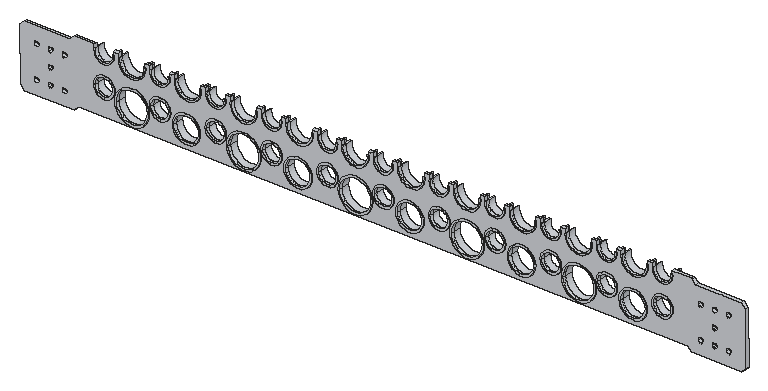
Revit family
Reference planes (in)
  plane 1 "Center (Front/Back)": y = 0
  plane 2: z = 0
  plane 3 "Center (Left/Right)": x = 0
Forms (in)
  Extrusion 1, solid
    sketch origin (0, 0.06345, 0) x (1, 0, 0) y (0, 0, 1)
      loop
        line (-13, 1.1875) -> (-13, -1.1875) -> (13, -1.1875) -> (13, 1.1875) -> (-13, 1.1875)
    from 0.06345 to -0.03055
  Extrusion 2, void
    sketch origin (0, 0, -0.3) x (1, 0, 0) y (0, 0, 1)
      loop
        line (-13, 1.1875) -> (-12.85, 1.3375) -> (-11.212, 1.3375) -> (-11.062, 1.4875) -> (-13, 1.4875) -> (-13, 1.1875)
    from 0 to -0.094
  Extrusion 3, void
    sketch origin (0, 0, -0.3) x (-1, 0, 0) y (0, 0, -1)
      loop
        line (-13, -1.1875) -> (-13, -1.4875) -> (-11.062, -1.4875) -> (-11.212, -1.3375) -> (-12.85, -1.3375) -> (-13, -1.1875)
    from -0.094 to 0
  Extrusion 4, void
    sketch origin (0, 0, 0) x (1, 0, 0) y (0, 0, 1)
      loop
        line (-13, -1.1875) -> (-12.85, -1.1875) -> (-13, -1.0375) -> (-13, -1.1875)
    from 0 to -0.094
  Extrusion 5, void
    sketch origin (0, 0, 0) x (-1, 0, 0) y (0, 0, -1)
      loop
        line (-13, 1.1875) -> (-13, 1.0375) -> (-12.85, 1.1875) -> (-13, 1.1875)
    from -0.094 to 0
  Extrusion 6, void
    sketch origin (0, 0, 0) x (1, 0, 0) y (0, 0, 1)
      loop
        line (-10.912, -1.0375) -> (-11.062, -1.1875) -> (11.062, -1.1875) -> (10.912, -1.0375) -> (-10.912, -1.0375)
    from 0 to -0.094
  Extrusion 7, solid
    sketch origin (-0.566, -0.19807, -0.3875) x (1, 0, 0) y (0, 0, 1)
      loop
        circle (-8.434, 0) r 0.613
    from -0.56657 to -0.19807
  Extrusion 8, void
    sketch origin (-0.613, 0, 0) x (1, 0, 0) y (0, 0, 1)
      loop
        circle (-8.387, -0.3875) r 0.556
    from -0.3685 to 0
  Extrusion 9, solid
    sketch origin (3.434, -0.19807, -0.3875) x (1, 0, 0) y (0, 0, 1)
      loop
        circle (-8.434, 0) r 0.613
    from -0.56657 to -0.19807
  Extrusion 10, void
    sketch origin (3.387, 0, 0) x (1, 0, 0) y (0, 0, 1)
      loop
        circle (-8.387, -0.3875) r 0.556
    from -0.3685 to 0
  Extrusion 11, solid
    sketch origin (7.434, -0.19807, -0.3875) x (1, 0, 0) y (0, 0, 1)
      loop
        circle (-8.434, 0) r 0.613
    from -0.56657 to -0.19807
  Extrusion 12, void
    sketch origin (7.387, 0, 0) x (1, 0, 0) y (0, 0, 1)
      loop
        circle (-8.387, -0.3875) r 0.556
    from -0.3685 to 0
  Extrusion 13, solid
    sketch origin (11.434, -0.19807, -0.3875) x (1, 0, 0) y (0, 0, 1)
      loop
        circle (-8.434, 0) r 0.613
    from -0.56657 to -0.19807
  Extrusion 14, void
    sketch origin (11.387, 0, 0) x (1, 0, 0) y (0, 0, 1)
      loop
        circle (-8.387, -0.3875) r 0.556
    from -0.3685 to 0
  Extrusion 15, solid
    sketch origin (15.434, -0.19807, -0.3875) x (1, 0, 0) y (0, 0, 1)
      loop
        circle (-8.434, 0) r 0.613
    from -0.56657 to -0.19807
  Extrusion 16, void
    sketch origin (15.387, 0, 0) x (1, 0, 0) y (0, 0, 1)
      loop
        circle (-8.387, -0.3875) r 0.556
    from -0.3685 to 0
  Extrusion 17, void
    sketch origin (0, 0, -0.0885) x (1, 0, 0) y (0, 0, 1)
      loop
        circle (-10, 0) r 0.316
    from 0.17811 to -0.69326
  Extrusion 18, solid
    sketch origin (0, 0, 0) x (1, 0, 0) y (0, 0, 1)
      loop
        circle (-10, -0.0885) r 0.376
    from 0 to -0.3685
  Extrusion 19, void
    sketch origin (2, 0, -0.0885) x (1, 0, 0) y (0, 0, 1)
      loop
        circle (-10, 0) r 0.316
    from 0.17811 to -0.69326
  Extrusion 20, solid
    sketch origin (2, 0, 0) x (1, 0, 0) y (0, 0, 1)
      loop
        circle (-10, -0.0885) r 0.376
    from 0 to -0.3685
  Extrusion 21, void
    sketch origin (4, 0, -0.0885) x (1, 0, 0) y (0, 0, 1)
      loop
        circle (-10, 0) r 0.316
    from 0.17811 to -0.69326
  Extrusion 22, solid
    sketch origin (4, 0, 0) x (1, 0, 0) y (0, 0, 1)
      loop
        circle (-10, -0.0885) r 0.376
    from 0 to -0.3685
  Extrusion 23, void
    sketch origin (6, 0, -0.0885) x (1, 0, 0) y (0, 0, 1)
      loop
        circle (-10, 0) r 0.316
    from 0.17811 to -0.69326
  Extrusion 24, solid
    sketch origin (6, 0, 0) x (1, 0, 0) y (0, 0, 1)
      loop
        circle (-10, -0.0885) r 0.376
    from 0 to -0.3685
  Extrusion 25, void
    sketch origin (8, 0, -0.0885) x (1, 0, 0) y (0, 0, 1)
      loop
        circle (-10, 0) r 0.316
    from 0.17811 to -0.69326
  Extrusion 26, solid
    sketch origin (8, 0, 0) x (1, 0, 0) y (0, 0, 1)
      loop
        circle (-10, -0.0885) r 0.376
    from 0 to -0.3685
  Extrusion 27, void
    sketch origin (10, 0, -0.0885) x (1, 0, 0) y (0, 0, 1)
      loop
        circle (-10, 0) r 0.316
    from 0.17811 to -0.69326
  Extrusion 28, solid
    sketch origin (10, 0, 0) x (1, 0, 0) y (0, 0, 1)
      loop
        circle (-10, -0.0885) r 0.376
    from 0 to -0.3685
  Extrusion 29, void
    sketch origin (12, 0, -0.0885) x (1, 0, 0) y (0, 0, 1)
      loop
        circle (-10, 0) r 0.316
    from 0.17811 to -0.69326
  Extrusion 30, solid
    sketch origin (12, 0, 0) x (1, 0, 0) y (0, 0, 1)
      loop
        circle (-10, -0.0885) r 0.376
    from 0 to -0.3685
  Extrusion 31, void
    sketch origin (14, 0, -0.0885) x (1, 0, 0) y (0, 0, 1)
      loop
        circle (-10, 0) r 0.316
    from 0.17811 to -0.69326
  Extrusion 32, solid
    sketch origin (14, 0, 0) x (1, 0, 0) y (0, 0, 1)
      loop
        circle (-10, -0.0885) r 0.376
    from 0 to -0.3685
  Extrusion 33, void
    sketch origin (16, 0, -0.0885) x (1, 0, 0) y (0, 0, 1)
      loop
        circle (-10, 0) r 0.316
    from 0.17811 to -0.69326
  Extrusion 34, solid
    sketch origin (16, 0, 0) x (1, 0, 0) y (0, 0, 1)
      loop
        circle (-10, -0.0885) r 0.376
    from 0 to -0.3685
  Extrusion 35, void
    sketch origin (18, 0, -0.0885) x (1, 0, 0) y (0, 0, 1)
      loop
        circle (-10, 0) r 0.316
    from 0.17811 to -0.69326
  Extrusion 36, solid
    sketch origin (18, 0, 0) x (1, 0, 0) y (0, 0, 1)
      loop
        circle (-10, -0.0885) r 0.376
    from 0 to -0.3685
  Extrusion 37, void
    sketch origin (0, 0, -0.39233) x (1, 0, 0) y (0, 0, 1)
      loop
        circle (-7.0544, 0) r 0.441
    from 0.17811 to -0.3685
  Extrusion 38, solid
    sketch origin (-0.441, 0, 0) x (1, 0, 0) y (0, 0, 1)
      loop
        circle (-6.6134, -0.39233) r 0.501
    from 0 to -0.3685
  Extrusion 39, void
    sketch origin (4, 0, -0.39233) x (1, 0, 0) y (0, 0, 1)
      loop
        circle (-7.0544, 0) r 0.441
    from 0.17811 to -0.3685
  Extrusion 40, solid
    sketch origin (3.559, 0, 0) x (1, 0, 0) y (0, 0, 1)
      loop
        circle (-6.6134, -0.39233) r 0.501
    from 0 to -0.3685
  Extrusion 41, void
    sketch origin (8, 0, -0.39233) x (1, 0, 0) y (0, 0, 1)
      loop
        circle (-7.0544, 0) r 0.441
    from 0.17811 to -0.3685
  Extrusion 42, solid
    sketch origin (7.559, 0, 0) x (1, 0, 0) y (0, 0, 1)
      loop
        circle (-6.6134, -0.39233) r 0.501
    from 0 to -0.3685
  Extrusion 43, void
    sketch origin (12, 0, -0.39233) x (1, 0, 0) y (0, 0, 1)
      loop
        circle (-7.0544, 0) r 0.441
    from 0.17811 to -0.3685
  Extrusion 44, solid
    sketch origin (11.559, 0, 0) x (1, 0, 0) y (0, 0, 1)
      loop
        circle (-6.6134, -0.39233) r 0.501
    from 0 to -0.3685
  Extrusion 45, void
    sketch origin (16, 0, -0.39233) x (1, 0, 0) y (0, 0, 1)
      loop
        circle (-7.0544, 0) r 0.441
    from 0.17811 to -0.3685
  Extrusion 46, solid
    sketch origin (15.559, 0, 0) x (1, 0, 0) y (0, 0, 1)
      loop
        circle (-6.6134, -0.39233) r 0.501
    from 0 to -0.3685
  Extrusion 47, void
    sketch origin (20, 0, -0.0885) x (1, 0, 0) y (0, 0, 1)
      loop
        circle (-10, 0) r 0.316
    from 0.17811 to -0.69326
  Extrusion 48, solid
    sketch origin (20, 0, 0) x (1, 0, 0) y (0, 0, 1)
      loop
        circle (-10, -0.0885) r 0.376
    from 0 to -0.3685
  Extrusion 49, void
    sketch origin (-0.01897, 0, -1.04116) x (1, 0, 0) y (0, 0, 1)
      loop
        line (-9.63131, 2.10366) -> (-9.63131, 2.22866) -> (-9.54431, 2.22866) -> (-9.54431, 2.45276) -> (-10.41775, 2.45276) -> (-10.41775, 2.22866) -> (-10.33075, 2.22866) -> (-10.33075, 2.10366) -> (-10.28191, 2.10366)
        arc (-10.28191, 2.10366) -> (-9.98103, 1.73566) -> (-9.68015, 2.10366) r 0.307
        line (-9.68015, 2.10366) -> (-9.63131, 2.10366)
    from -0.3685 to 0
  Extrusion 50, solid
    sketch origin (-0.01897, 0, -0.73416) x (1, 0, 0) y (0, 0, 1)
      loop
        circle (-9.98103, 1.73566) r 0.355
    from -0.3685 to 0
  Extrusion 51, void
    sketch origin (1.98103, 0, -1.04116) x (1, 0, 0) y (0, 0, 1)
      loop
        line (-9.63131, 2.10366) -> (-9.63131, 2.22866) -> (-9.54431, 2.22866) -> (-9.54431, 2.45276) -> (-10.41775, 2.45276) -> (-10.41775, 2.22866) -> (-10.33075, 2.22866) -> (-10.33075, 2.10366) -> (-10.28191, 2.10366)
        arc (-10.28191, 2.10366) -> (-9.98103, 1.73566) -> (-9.68015, 2.10366) r 0.307
        line (-9.68015, 2.10366) -> (-9.63131, 2.10366)
    from -0.3685 to 0
  Extrusion 52, solid
    sketch origin (1.98103, 0, -0.73416) x (1, 0, 0) y (0, 0, 1)
      loop
        circle (-9.98103, 1.73566) r 0.355
    from -0.3685 to 0
  Extrusion 53, void
    sketch origin (3.98103, 0, -1.04116) x (1, 0, 0) y (0, 0, 1)
      loop
        line (-9.63131, 2.10366) -> (-9.63131, 2.22866) -> (-9.54431, 2.22866) -> (-9.54431, 2.45276) -> (-10.41775, 2.45276) -> (-10.41775, 2.22866) -> (-10.33075, 2.22866) -> (-10.33075, 2.10366) -> (-10.28191, 2.10366)
        arc (-10.28191, 2.10366) -> (-9.98103, 1.73566) -> (-9.68015, 2.10366) r 0.307
        line (-9.68015, 2.10366) -> (-9.63131, 2.10366)
    from -0.3685 to 0
  Extrusion 54, solid
    sketch origin (3.98103, 0, -0.73416) x (1, 0, 0) y (0, 0, 1)
      loop
        circle (-9.98103, 1.73566) r 0.355
    from -0.3685 to 0
  Extrusion 55, void
    sketch origin (5.98103, 0, -1.04116) x (1, 0, 0) y (0, 0, 1)
      loop
        line (-9.63131, 2.10366) -> (-9.63131, 2.22866) -> (-9.54431, 2.22866) -> (-9.54431, 2.45276) -> (-10.41775, 2.45276) -> (-10.41775, 2.22866) -> (-10.33075, 2.22866) -> (-10.33075, 2.10366) -> (-10.28191, 2.10366)
        arc (-10.28191, 2.10366) -> (-9.98103, 1.73566) -> (-9.68015, 2.10366) r 0.307
        line (-9.68015, 2.10366) -> (-9.63131, 2.10366)
    from -0.3685 to 0
  Extrusion 56, solid
    sketch origin (5.98103, 0, -0.73416) x (1, 0, 0) y (0, 0, 1)
      loop
        circle (-9.98103, 1.73566) r 0.355
    from -0.3685 to 0
  Extrusion 57, void
    sketch origin (7.98103, 0, -1.04116) x (1, 0, 0) y (0, 0, 1)
      loop
        line (-9.63131, 2.10366) -> (-9.63131, 2.22866) -> (-9.54431, 2.22866) -> (-9.54431, 2.45276) -> (-10.41775, 2.45276) -> (-10.41775, 2.22866) -> (-10.33075, 2.22866) -> (-10.33075, 2.10366) -> (-10.28191, 2.10366)
        arc (-10.28191, 2.10366) -> (-9.98103, 1.73566) -> (-9.68015, 2.10366) r 0.307
        line (-9.68015, 2.10366) -> (-9.63131, 2.10366)
    from -0.3685 to 0
  Extrusion 58, solid
    sketch origin (7.98103, 0, -0.73416) x (1, 0, 0) y (0, 0, 1)
      loop
        circle (-9.98103, 1.73566) r 0.355
    from -0.3685 to 0
  Extrusion 59, void
    sketch origin (9.98103, 0, -1.04116) x (1, 0, 0) y (0, 0, 1)
      loop
        line (-9.63131, 2.10366) -> (-9.63131, 2.22866) -> (-9.54431, 2.22866) -> (-9.54431, 2.45276) -> (-10.41775, 2.45276) -> (-10.41775, 2.22866) -> (-10.33075, 2.22866) -> (-10.33075, 2.10366) -> (-10.28191, 2.10366)
        arc (-10.28191, 2.10366) -> (-9.98103, 1.73566) -> (-9.68015, 2.10366) r 0.307
        line (-9.68015, 2.10366) -> (-9.63131, 2.10366)
    from -0.3685 to 0
  Extrusion 60, solid
    sketch origin (9.98103, 0, -0.73416) x (1, 0, 0) y (0, 0, 1)
      loop
        circle (-9.98103, 1.73566) r 0.355
    from -0.3685 to 0
  Extrusion 61, void
    sketch origin (11.98103, 0, -1.04116) x (1, 0, 0) y (0, 0, 1)
      loop
        line (-9.63131, 2.10366) -> (-9.63131, 2.22866) -> (-9.54431, 2.22866) -> (-9.54431, 2.45276) -> (-10.41775, 2.45276) -> (-10.41775, 2.22866) -> (-10.33075, 2.22866) -> (-10.33075, 2.10366) -> (-10.28191, 2.10366)
        arc (-10.28191, 2.10366) -> (-9.98103, 1.73566) -> (-9.68015, 2.10366) r 0.307
        line (-9.68015, 2.10366) -> (-9.63131, 2.10366)
    from -0.3685 to 0
  Extrusion 62, solid
    sketch origin (11.98103, 0, -0.73416) x (1, 0, 0) y (0, 0, 1)
      loop
        circle (-9.98103, 1.73566) r 0.355
    from -0.3685 to 0
  Extrusion 63, void
    sketch origin (13.98103, 0, -1.04116) x (1, 0, 0) y (0, 0, 1)
      loop
        line (-9.63131, 2.10366) -> (-9.63131, 2.22866) -> (-9.54431, 2.22866) -> (-9.54431, 2.45276) -> (-10.41775, 2.45276) -> (-10.41775, 2.22866) -> (-10.33075, 2.22866) -> (-10.33075, 2.10366) -> (-10.28191, 2.10366)
        arc (-10.28191, 2.10366) -> (-9.98103, 1.73566) -> (-9.68015, 2.10366) r 0.307
        line (-9.68015, 2.10366) -> (-9.63131, 2.10366)
    from -0.3685 to 0
  Extrusion 64, solid
    sketch origin (13.98103, 0, -0.73416) x (1, 0, 0) y (0, 0, 1)
      loop
        circle (-9.98103, 1.73566) r 0.355
    from -0.3685 to 0
  Extrusion 65, void
    sketch origin (15.98103, 0, -1.04116) x (1, 0, 0) y (0, 0, 1)
      loop
        line (-9.63131, 2.10366) -> (-9.63131, 2.22866) -> (-9.54431, 2.22866) -> (-9.54431, 2.45276) -> (-10.41775, 2.45276) -> (-10.41775, 2.22866) -> (-10.33075, 2.22866) -> (-10.33075, 2.10366) -> (-10.28191, 2.10366)
        arc (-10.28191, 2.10366) -> (-9.98103, 1.73566) -> (-9.68015, 2.10366) r 0.307
        line (-9.68015, 2.10366) -> (-9.63131, 2.10366)
    from -0.3685 to 0
  Extrusion 66, solid
    sketch origin (15.98103, 0, -0.73416) x (1, 0, 0) y (0, 0, 1)
      loop
        circle (-9.98103, 1.73566) r 0.355
    from -0.3685 to 0
  Extrusion 67, void
    sketch origin (17.98103, 0, -1.04116) x (1, 0, 0) y (0, 0, 1)
      loop
        line (-9.63131, 2.10366) -> (-9.63131, 2.22866) -> (-9.54431, 2.22866) -> (-9.54431, 2.45276) -> (-10.41775, 2.45276) -> (-10.41775, 2.22866) -> (-10.33075, 2.22866) -> (-10.33075, 2.10366) -> (-10.28191, 2.10366)
        arc (-10.28191, 2.10366) -> (-9.98103, 1.73566) -> (-9.68015, 2.10366) r 0.307
        line (-9.68015, 2.10366) -> (-9.63131, 2.10366)
    from -0.3685 to 0
  Extrusion 68, solid
    sketch origin (17.98103, 0, -0.73416) x (1, 0, 0) y (0, 0, 1)
      loop
        circle (-9.98103, 1.73566) r 0.355
    from -0.3685 to 0
  Extrusion 69, void
    sketch origin (19.98103, 0, -1.04116) x (1, 0, 0) y (0, 0, 1)
      loop
        line (-9.63131, 2.10366) -> (-9.63131, 2.22866) -> (-9.54431, 2.22866) -> (-9.54431, 2.45276) -> (-10.41775, 2.45276) -> (-10.41775, 2.22866) -> (-10.33075, 2.22866) -> (-10.33075, 2.10366) -> (-10.28191, 2.10366)
        arc (-10.28191, 2.10366) -> (-9.98103, 1.73566) -> (-9.68015, 2.10366) r 0.307
        line (-9.68015, 2.10366) -> (-9.63131, 2.10366)
    from -0.3685 to 0
  Extrusion 70, solid
    sketch origin (19.98103, 0, -0.73416) x (1, 0, 0) y (0, 0, 1)
      loop
        circle (-9.98103, 1.73566) r 0.355
    from -0.3685 to 0
  Extrusion 71, void
    sketch origin (0.98103, 0, -0.79116) x (1, 0, 0) y (0, 0, 1)
      loop
        line (-9.5042, 1.85241) -> (-9.5042, 1.97741) -> (-9.4172, 1.97741) -> (-9.4172, 2.35367) -> (-10.54489, 2.35367) -> (-10.54489, 1.97716) -> (-10.45789, 1.97716) -> (-10.45789, 1.85216) -> (-10.40905, 1.85216)
        arc (-10.40905, 1.85216) -> (-9.9809, 1.36167) -> (-9.55304, 1.85241) r 0.432
        line (-9.55304, 1.85241) -> (-9.5042, 1.85241)
    from -0.3685 to 0.12521
  Extrusion 72, solid
    sketch origin (0.98103, 0, -0.73416) x (1, 0, 0) y (0, 0, 1)
      loop
        circle (-9.98103, 1.73566) r 0.48
    from -0.3685 to 0
  Extrusion 73, void
    sketch origin (2.98103, 0, -0.79116) x (1, 0, 0) y (0, 0, 1)
      loop
        line (-9.5042, 1.85241) -> (-9.5042, 1.97741) -> (-9.4172, 1.97741) -> (-9.4172, 2.35367) -> (-10.54489, 2.35367) -> (-10.54489, 1.97716) -> (-10.45789, 1.97716) -> (-10.45789, 1.85216) -> (-10.40905, 1.85216)
        arc (-10.40905, 1.85216) -> (-9.9809, 1.36167) -> (-9.55304, 1.85241) r 0.432
        line (-9.55304, 1.85241) -> (-9.5042, 1.85241)
    from -0.3685 to 0.12521
  Extrusion 74, solid
    sketch origin (2.98103, 0, -0.73416) x (1, 0, 0) y (0, 0, 1)
      loop
        circle (-9.98103, 1.73566) r 0.48
    from -0.3685 to 0
  Extrusion 75, void
    sketch origin (4.98103, 0, -0.79116) x (1, 0, 0) y (0, 0, 1)
      loop
        line (-9.5042, 1.85241) -> (-9.5042, 1.97741) -> (-9.4172, 1.97741) -> (-9.4172, 2.35367) -> (-10.54489, 2.35367) -> (-10.54489, 1.97716) -> (-10.45789, 1.97716) -> (-10.45789, 1.85216) -> (-10.40905, 1.85216)
        arc (-10.40905, 1.85216) -> (-9.9809, 1.36167) -> (-9.55304, 1.85241) r 0.432
        line (-9.55304, 1.85241) -> (-9.5042, 1.85241)
    from -0.3685 to 0.12521
  Extrusion 76, solid
    sketch origin (4.98103, 0, -0.73416) x (1, 0, 0) y (0, 0, 1)
      loop
        circle (-9.98103, 1.73566) r 0.48
    from -0.3685 to 0
  Extrusion 77, void
    sketch origin (6.98103, 0, -0.79116) x (1, 0, 0) y (0, 0, 1)
      loop
        line (-9.5042, 1.85241) -> (-9.5042, 1.97741) -> (-9.4172, 1.97741) -> (-9.4172, 2.35367) -> (-10.54489, 2.35367) -> (-10.54489, 1.97716) -> (-10.45789, 1.97716) -> (-10.45789, 1.85216) -> (-10.40905, 1.85216)
        arc (-10.40905, 1.85216) -> (-9.9809, 1.36167) -> (-9.55304, 1.85241) r 0.432
        line (-9.55304, 1.85241) -> (-9.5042, 1.85241)
    from -0.3685 to 0.12521
  Extrusion 78, solid
    sketch origin (6.98103, 0, -0.73416) x (1, 0, 0) y (0, 0, 1)
      loop
        circle (-9.98103, 1.73566) r 0.48
    from -0.3685 to 0
  Extrusion 79, void
    sketch origin (8.98103, 0, -0.79116) x (1, 0, 0) y (0, 0, 1)
      loop
        line (-9.5042, 1.85241) -> (-9.5042, 1.97741) -> (-9.4172, 1.97741) -> (-9.4172, 2.35367) -> (-10.54489, 2.35367) -> (-10.54489, 1.97716) -> (-10.45789, 1.97716) -> (-10.45789, 1.85216) -> (-10.40905, 1.85216)
        arc (-10.40905, 1.85216) -> (-9.9809, 1.36167) -> (-9.55304, 1.85241) r 0.432
        line (-9.55304, 1.85241) -> (-9.5042, 1.85241)
    from -0.3685 to 0.12521
  Extrusion 80, solid
    sketch origin (8.98103, 0, -0.73416) x (1, 0, 0) y (0, 0, 1)
      loop
        circle (-9.98103, 1.73566) r 0.48
    from -0.3685 to 0
  Extrusion 81, void
    sketch origin (10.98103, 0, -0.79116) x (1, 0, 0) y (0, 0, 1)
      loop
        line (-9.5042, 1.85241) -> (-9.5042, 1.97741) -> (-9.4172, 1.97741) -> (-9.4172, 2.35367) -> (-10.54489, 2.35367) -> (-10.54489, 1.97716) -> (-10.45789, 1.97716) -> (-10.45789, 1.85216) -> (-10.40905, 1.85216)
        arc (-10.40905, 1.85216) -> (-9.9809, 1.36167) -> (-9.55304, 1.85241) r 0.432
        line (-9.55304, 1.85241) -> (-9.5042, 1.85241)
    from -0.3685 to 0.12521
  Extrusion 82, solid
    sketch origin (10.98103, 0, -0.73416) x (1, 0, 0) y (0, 0, 1)
      loop
        circle (-9.98103, 1.73566) r 0.48
    from -0.3685 to 0
  Extrusion 83, void
    sketch origin (12.98103, 0, -0.79116) x (1, 0, 0) y (0, 0, 1)
      loop
        line (-9.5042, 1.85241) -> (-9.5042, 1.97741) -> (-9.4172, 1.97741) -> (-9.4172, 2.35367) -> (-10.54489, 2.35367) -> (-10.54489, 1.97716) -> (-10.45789, 1.97716) -> (-10.45789, 1.85216) -> (-10.40905, 1.85216)
        arc (-10.40905, 1.85216) -> (-9.9809, 1.36167) -> (-9.55304, 1.85241) r 0.432
        line (-9.55304, 1.85241) -> (-9.5042, 1.85241)
    from -0.3685 to 0.12521
  Extrusion 84, solid
    sketch origin (12.98103, 0, -0.73416) x (1, 0, 0) y (0, 0, 1)
      loop
        circle (-9.98103, 1.73566) r 0.48
    from -0.3685 to 0
  Extrusion 85, void
    sketch origin (14.98103, 0, -0.79116) x (1, 0, 0) y (0, 0, 1)
      loop
        line (-9.5042, 1.85241) -> (-9.5042, 1.97741) -> (-9.4172, 1.97741) -> (-9.4172, 2.35367) -> (-10.54489, 2.35367) -> (-10.54489, 1.97716) -> (-10.45789, 1.97716) -> (-10.45789, 1.85216) -> (-10.40905, 1.85216)
        arc (-10.40905, 1.85216) -> (-9.9809, 1.36167) -> (-9.55304, 1.85241) r 0.432
        line (-9.55304, 1.85241) -> (-9.5042, 1.85241)
    from -0.3685 to 0.12521
  Extrusion 86, solid
    sketch origin (14.98103, 0, -0.73416) x (1, 0, 0) y (0, 0, 1)
      loop
        circle (-9.98103, 1.73566) r 0.48
    from -0.3685 to 0
  Extrusion 87, void
    sketch origin (16.98103, 0, -0.79116) x (1, 0, 0) y (0, 0, 1)
      loop
        line (-9.5042, 1.85241) -> (-9.5042, 1.97741) -> (-9.4172, 1.97741) -> (-9.4172, 2.35367) -> (-10.54489, 2.35367) -> (-10.54489, 1.97716) -> (-10.45789, 1.97716) -> (-10.45789, 1.85216) -> (-10.40905, 1.85216)
        arc (-10.40905, 1.85216) -> (-9.9809, 1.36167) -> (-9.55304, 1.85241) r 0.432
        line (-9.55304, 1.85241) -> (-9.5042, 1.85241)
    from -0.3685 to 0.12521
  Extrusion 88, solid
    sketch origin (16.98103, 0, -0.73416) x (1, 0, 0) y (0, 0, 1)
      loop
        circle (-9.98103, 1.73566) r 0.48
    from -0.3685 to 0
  Extrusion 89, void
    sketch origin (18.98103, 0, -0.79116) x (1, 0, 0) y (0, 0, 1)
      loop
        line (-9.5042, 1.85241) -> (-9.5042, 1.97741) -> (-9.4172, 1.97741) -> (-9.4172, 2.35367) -> (-10.54489, 2.35367) -> (-10.54489, 1.97716) -> (-10.45789, 1.97716) -> (-10.45789, 1.85216) -> (-10.40905, 1.85216)
        arc (-10.40905, 1.85216) -> (-9.9809, 1.36167) -> (-9.55304, 1.85241) r 0.432
        line (-9.55304, 1.85241) -> (-9.5042, 1.85241)
    from -0.3685 to 0.12521
  Extrusion 90, solid
    sketch origin (18.98103, 0, -0.73416) x (1, 0, 0) y (0, 0, 1)
      loop
        circle (-9.98103, 1.73566) r 0.48
    from -0.3685 to 0
  Extrusion 91, void
    sketch origin (0, 0, 0) x (1, 0, 0) y (0, 0, 1)
      loop
        circle (-11.3967, 0.4625) r 0.095
    from -0.094 to 0
  Extrusion 92, void
    sketch origin (-0.5, 0, 0) x (1, 0, 0) y (0, 0, 1)
      loop
        circle (-11.3967, 0.4625) r 0.095
    from -0.094 to 0
  Extrusion 93, void
    sketch origin (-1, 0, 0) x (1, 0, 0) y (0, 0, 1)
      loop
        circle (-11.3967, 0.4625) r 0.095
    from -0.094 to 0
  Extrusion 94, void
    sketch origin (-0.5, 0, -0.575) x (1, 0, 0) y (0, 0, 1)
      loop
        circle (-11.3967, 0.4625) r 0.095
    from -0.094 to 0
  Extrusion 95, void
    sketch origin (0, 0, -1.15) x (1, 0, 0) y (0, 0, 1)
      loop
        circle (-11.3967, 0.4625) r 0.095
    from -0.094 to 0
  Extrusion 96, void
    sketch origin (-0.5, 0, -1.15) x (1, 0, 0) y (0, 0, 1)
      loop
        circle (-11.3967, 0.4625) r 0.095
    from -0.094 to 0
  Extrusion 97, void
    sketch origin (-1, 0, -1.15) x (1, 0, 0) y (0, 0, 1)
      loop
        circle (-11.3967, 0.4625) r 0.095
    from -0.094 to 0
  Extrusion 98, void
    sketch origin (0, 0, 0) x (-1, 0, 0) y (0, 0, -1)
      loop
        circle (-11.3967, -0.4625) r 0.095
    from -0.094 to 0
  Extrusion 99, void
    sketch origin (0.5, 0, 0) x (-1, 0, 0) y (0, 0, -1)
      loop
        circle (-11.3967, -0.4625) r 0.095
    from -0.094 to 0
  Extrusion 100, void
    sketch origin (1, 0, 0) x (-1, 0, 0) y (0, 0, -1)
      loop
        circle (-11.3967, -0.4625) r 0.095
    from -0.094 to 0
  Extrusion 101, void
    sketch origin (0.5, 0, -0.575) x (-1, 0, 0) y (0, 0, -1)
      loop
        circle (-11.3967, -0.4625) r 0.095
    from -0.094 to 0
  Extrusion 102, void
    sketch origin (0, 0, -1.15) x (-1, 0, 0) y (0, 0, -1)
      loop
        circle (-11.3967, -0.4625) r 0.095
    from -0.094 to 0
  Extrusion 103, void
    sketch origin (0.5, 0, -1.15) x (-1, 0, 0) y (0, 0, -1)
      loop
        circle (-11.3967, -0.4625) r 0.095
    from -0.094 to 0
  Extrusion 104, void
    sketch origin (1, 0, -1.15) x (-1, 0, 0) y (0, 0, -1)
      loop
        circle (-11.3967, -0.4625) r 0.095
    from -0.094 to 0
Cuts and joins
  Extrusion 2, Extrusion 3, Extrusion 4, Extrusion 5, Extrusion 6, Extrusion 8, Extrusion 10, Extrusion 12, Extrusion 14, Extrusion 16, Extrusion 17, Extrusion 19, Extrusion 21, Extrusion 23, Extrusion 25, Extrusion 27, Extrusion 29, Extrusion 31, Extrusion 33, Extrusion 35, Extrusion 37, Extrusion 39, Extrusion 41, Extrusion 43, Extrusion 45, Extrusion 47, Extrusion 49, Extrusion 51, Extrusion 53, Extrusion 55, Extrusion 57, Extrusion 59, Extrusion 61, Extrusion 63, Extrusion 65, Extrusion 67, Extrusion 69, Extrusion 71, Extrusion 73, Extrusion 75, Extrusion 77, Extrusion 79, Extrusion 81, Extrusion 83, Extrusion 85, Extrusion 87, Extrusion 89, Extrusion 91, Extrusion 92, Extrusion 93, Extrusion 94, Extrusion 95, Extrusion 96, Extrusion 97, Extrusion 98, Extrusion 99, Extrusion 100, Extrusion 101, Extrusion 102, Extrusion 103, Extrusion 104 cuts Extrusion 1
  Extrusion 8, Extrusion 10 cuts Extrusion 7
  Extrusion 10, Extrusion 12 cuts Extrusion 9
  Extrusion 12, Extrusion 14 cuts Extrusion 11
  Extrusion 14, Extrusion 16 cuts Extrusion 13
  Extrusion 16 cuts Extrusion 15
  Extrusion 17, Extrusion 19, Extrusion 21 cuts Extrusion 18
  Extrusion 19, Extrusion 23 cuts Extrusion 20
  Extrusion 21, Extrusion 25 cuts Extrusion 22
  Extrusion 23, Extrusion 27 cuts Extrusion 24
  Extrusion 25, Extrusion 29 cuts Extrusion 26
  Extrusion 27, Extrusion 31 cuts Extrusion 28
  Extrusion 29, Extrusion 33 cuts Extrusion 30
  Extrusion 31, Extrusion 35 cuts Extrusion 32
  Extrusion 33 cuts Extrusion 34
  Extrusion 35, Extrusion 47 cuts Extrusion 36
  Extrusion 37, Extrusion 39 cuts Extrusion 38
  Extrusion 39, Extrusion 41 cuts Extrusion 40
  Extrusion 41, Extrusion 43 cuts Extrusion 42
  Extrusion 43, Extrusion 45 cuts Extrusion 44
  Extrusion 45 cuts Extrusion 46
  Extrusion 47 cuts Extrusion 48
  Extrusion 49, Extrusion 51, Extrusion 71 cuts Extrusion 50
  Extrusion 51, Extrusion 53 cuts Extrusion 52
  Extrusion 53, Extrusion 55 cuts Extrusion 54
  Extrusion 55, Extrusion 57 cuts Extrusion 56
  Extrusion 57, Extrusion 59 cuts Extrusion 58
  Extrusion 59, Extrusion 61 cuts Extrusion 60
  Extrusion 61, Extrusion 63 cuts Extrusion 62
  Extrusion 63, Extrusion 65 cuts Extrusion 64
  Extrusion 65, Extrusion 67 cuts Extrusion 66
  Extrusion 67, Extrusion 69 cuts Extrusion 68
  Extrusion 69 cuts Extrusion 70
  Extrusion 71, Extrusion 73 cuts Extrusion 72
  Extrusion 73, Extrusion 75 cuts Extrusion 74
  Extrusion 75, Extrusion 77 cuts Extrusion 76
  Extrusion 77, Extrusion 79 cuts Extrusion 78
  Extrusion 79, Extrusion 81 cuts Extrusion 80
  Extrusion 81, Extrusion 83 cuts Extrusion 82
  Extrusion 83, Extrusion 85 cuts Extrusion 84
  Extrusion 85, Extrusion 87 cuts Extrusion 86
  Extrusion 87, Extrusion 89 cuts Extrusion 88
  Extrusion 89 cuts Extrusion 90
Dimensions and locks (in)
  locked: Extrusion 1 to Extrusion 1 at 26
  locked: Extrusion 1 to Extrusion 1 at 2.375
  aligned and locked: plane 2 to level
  aligned and locked: Extrusion 1 to Extrusion 2  (x2)
  aligned and locked: Extrusion 4 to Extrusion 1
  aligned and locked: Extrusion 1 to Extrusion 4
  aligned and locked: Extrusion 6 to Extrusion 1  (x2)
  aligned and locked: plane 1 "Center (Front/Back)" to Extrusion 1
  aligned and locked: Extrusion 3 to Extrusion 1
  aligned and locked: plane 1 "Center (Front/Back)" to Extrusion 3
  aligned and locked: Extrusion 5 to Extrusion 1
  aligned and locked: plane 1 "Center (Front/Back)" to Extrusion 5
  aligned and locked: plane 1 "Center (Front/Back)" to Extrusion 8
  aligned and locked: Extrusion 18 to plane 1 "Center (Front/Back)"
  aligned: Extrusion 17 to plane 1 "Center (Front/Back)"
  aligned: Extrusion 37 to plane 1 "Center (Front/Back)"
  aligned and locked: Extrusion 37 to cut or joined group of Extrusion 7, Extrusion 8, Extrusion 10
  aligned and locked: Extrusion 38 to plane 1 "Center (Front/Back)"
  aligned and locked: Extrusion 38 to cut or joined group of Extrusion 7, Extrusion 8, Extrusion 10
  aligned and locked: Extrusion 17 to Extrusion 37
  aligned and locked: cut or joined group of Extrusion 7, Extrusion 8, Extrusion 10 to Extrusion 50
  aligned and locked: plane 1 "Center (Front/Back)" to Extrusion 50
  aligned and locked: cut or joined group of Extrusion 7, Extrusion 8, Extrusion 10 to Extrusion 49
  aligned and locked: plane 1 "Center (Front/Back)" to Extrusion 49
  aligned and locked: cut or joined group of Extrusion 7, Extrusion 8, Extrusion 10 to Extrusion 71
  aligned and locked: Extrusion 1 to Extrusion 91
  aligned and locked: plane 1 "Center (Front/Back)" to Extrusion 91
Connectors (in)
  piping at (7, 0, -0.3875)
    settings: on cut or joined group 1 (Extrusion 1, Extrusion 2, Extrusion 3, Extrusion 4, Extrusion 5, Extrusion 6, Extrusion 8, Extrusion 10, Extrusion 12, Extrusion 14, Extrusion 16, Extrusion 17, Extrusion 19, Extrusion 21, Extrusion 23, Extrusion 25, Extrusion 27, Extrusion 29, Extrusion 31, Extrusion 33, Extrusion 35, Extrusion 37, Extrusion 39, Extrusion 41, Extrusion 43, Extrusion 45, Extrusion 47, Extrusion 49, Extrusion 51, Extrusion 53, Extrusion 55, Extrusion 57, Extrusion 59, Extrusion 61, Extrusion 63, Extrusion 65, Extrusion 67, Extrusion 69, Extrusion 71, Extrusion 73, Extrusion 75, Extrusion 77, Extrusion 79, Extrusion 81, Extrusion 83, Extrusion 85, Extrusion 87, Extrusion 89, Extrusion 91, Extrusion 92, Extrusion 93, Extrusion 94, Extrusion 95, Extrusion 96, Extrusion 97, Extrusion 98, Extrusion 99, Extrusion 100, Extrusion 101, Extrusion 102, Extrusion 103, Extrusion 104), index 1, connector radius 1/2", flow factor 0, pipe flow 0 GPM, pressure drop 0.00 psi, fitting loss kfactor 0, connector angle 0.00°, fixture units 0, flow configuration 0, flow direction 0, fitting loss method 0, system type 22, connector reference index -1, connector utility 0, adjustable connector no, is connector primary yes, fitting loss table "", connector description ""
  piping at (3, 0, -0.3875)
    settings: on cut or joined group 1, index 2, connector radius 1/2", flow factor 0, pipe flow 0 GPM, pressure drop 0.00 psi, fitting loss kfactor 0, connector angle 0.00°, fixture units 0, flow configuration 0, flow direction 0, fitting loss method 0, system type 22, connector reference index -1, connector utility 0, adjustable connector no, is connector primary no, fitting loss table "", connector description ""
  piping at (-1, 0, -0.3875)
    settings: on cut or joined group 1, index 3, connector radius 1/2", flow factor 0, pipe flow 0 GPM, pressure drop 0.00 psi, fitting loss kfactor 0, connector angle 0.00°, fixture units 0, flow configuration 0, flow direction 0, fitting loss method 0, system type 22, connector reference index -1, connector utility 0, adjustable connector no, is connector primary no, fitting loss table "", connector description ""
  piping at (-5, 0, -0.3875)
    settings: on cut or joined group 1, index 4, connector radius 1/2", flow factor 0, pipe flow 0 GPM, pressure drop 0.00 psi, fitting loss kfactor 0, connector angle 0.00°, fixture units 0, flow configuration 0, flow direction 0, fitting loss method 0, system type 22, connector reference index -1, connector utility 0, adjustable connector no, is connector primary no, fitting loss table "", connector description ""
  piping at (-9, 0, -0.3875)
    settings: on cut or joined group 1, index 5, connector radius 1/2", flow factor 0, pipe flow 0 GPM, pressure drop 0.00 psi, fitting loss kfactor 0, connector angle 0.00°, fixture units 0, flow configuration 0, flow direction 0, fitting loss method 0, system type 22, connector reference index -1, connector utility 0, adjustable connector no, is connector primary no, fitting loss table "", connector description ""
  piping at (-7.0544, 0, -0.39233)
    settings: on cut or joined group 1, index 6, connector radius 0.38", flow factor 0, pipe flow 0 GPM, pressure drop 0.00 psi, fitting loss kfactor 0, connector angle 0.00°, fixture units 0, flow configuration 0, flow direction 0, fitting loss method 0, system type 22, connector reference index -1, connector utility 0, adjustable connector no, is connector primary no, fitting loss table "", connector description ""
  piping at (-3.0544, 0, -0.39233)
    settings: on cut or joined group 1, index 7, connector radius 0.38", flow factor 0, pipe flow 0 GPM, pressure drop 0.00 psi, fitting loss kfactor 0, connector angle 0.00°, fixture units 0, flow configuration 0, flow direction 0, fitting loss method 0, system type 22, connector reference index -1, connector utility 0, adjustable connector no, is connector primary no, fitting loss table "", connector description ""
  piping at (0.9456, 0, -0.39233)
    settings: on cut or joined group 1, index 8, connector radius 0.38", flow factor 0, pipe flow 0 GPM, pressure drop 0.00 psi, fitting loss kfactor 0, connector angle 0.00°, fixture units 0, flow configuration 0, flow direction 0, fitting loss method 0, system type 22, connector reference index -1, connector utility 0, adjustable connector no, is connector primary no, fitting loss table "", connector description ""
  piping at (4.9456, 0, -0.39233)
    settings: on cut or joined group 1, index 9, connector radius 0.38", flow factor 0, pipe flow 0 GPM, pressure drop 0.00 psi, fitting loss kfactor 0, connector angle 0.00°, fixture units 0, flow configuration 0, flow direction 0, fitting loss method 0, system type 22, connector reference index -1, connector utility 0, adjustable connector no, is connector primary no, fitting loss table "", connector description ""
  piping at (8.9456, 0, -0.39233)
    settings: on cut or joined group 1, index 10, connector radius 0.38", flow factor 0, pipe flow 0 GPM, pressure drop 0.00 psi, fitting loss kfactor 0, connector angle 0.00°, fixture units 0, flow configuration 0, flow direction 0, fitting loss method 0, system type 22, connector reference index -1, connector utility 0, adjustable connector no, is connector primary no, fitting loss table "", connector description ""
  piping at (8.99989, 0, 1.04046)
    settings: on cut or joined group of Extrusion 89, Extrusion 90, index 11, connector radius 0.38", flow factor 0, pipe flow 0 GPM, pressure drop 0.00 psi, fitting loss kfactor 0, connector angle 0.00°, fixture units 0, flow configuration 0, flow direction 0, fitting loss method 0, system type 22, connector reference index -1, connector utility 0, adjustable connector no, is connector primary no, fitting loss table "", connector description ""
  piping at (6.99989, 0, 1.04046)
    settings: on cut or joined group of Extrusion 87, Extrusion 88, Extrusion 89, index 12, connector radius 0.38", flow factor 0, pipe flow 0 GPM, pressure drop 0.00 psi, fitting loss kfactor 0, connector angle 0.00°, fixture units 0, flow configuration 0, flow direction 0, fitting loss method 0, system type 22, connector reference index -1, connector utility 0, adjustable connector no, is connector primary no, fitting loss table "", connector description ""
  piping at (4.99989, 0, 1.04046)
    settings: on cut or joined group of Extrusion 85, Extrusion 86, Extrusion 87, index 13, connector radius 0.38", flow factor 0, pipe flow 0 GPM, pressure drop 0.00 psi, fitting loss kfactor 0, connector angle 0.00°, fixture units 0, flow configuration 0, flow direction 0, fitting loss method 0, system type 22, connector reference index -1, connector utility 0, adjustable connector no, is connector primary no, fitting loss table "", connector description ""
  piping at (2.99989, 0, 1.04046)
    settings: on cut or joined group of Extrusion 83, Extrusion 84, Extrusion 85, index 14, connector radius 0.38", flow factor 0, pipe flow 0 GPM, pressure drop 0.00 psi, fitting loss kfactor 0, connector angle 0.00°, fixture units 0, flow configuration 0, flow direction 0, fitting loss method 0, system type 22, connector reference index -1, connector utility 0, adjustable connector no, is connector primary no, fitting loss table "", connector description ""
  piping at (-0.00001, 0, 1.00363)
    settings: on cut or joined group 1, index 15, connector radius 0.38", flow factor 0, pipe flow 0 GPM, pressure drop 0.00 psi, fitting loss kfactor 0, connector angle 0.00°, fixture units 0, flow configuration 0, flow direction 0, fitting loss method 0, system type 22, connector reference index -1, connector utility 0, adjustable connector no, is connector primary no, fitting loss table "", connector description ""
  piping at (-1.00011, 0, 1.04046)
    settings: on cut or joined group of Extrusion 79, Extrusion 80, Extrusion 81, index 16, connector radius 0.38", flow factor 0, pipe flow 0 GPM, pressure drop 0.00 psi, fitting loss kfactor 0, connector angle 0.00°, fixture units 0, flow configuration 0, flow direction 0, fitting loss method 0, system type 22, connector reference index -1, connector utility 0, adjustable connector no, is connector primary no, fitting loss table "", connector description ""
  piping at (-3.00011, 0, 1.04046)
    settings: on cut or joined group of Extrusion 77, Extrusion 78, Extrusion 79, index 17, connector radius 0.38", flow factor 0, pipe flow 0 GPM, pressure drop 0.00 psi, fitting loss kfactor 0, connector angle 0.00°, fixture units 0, flow configuration 0, flow direction 0, fitting loss method 0, system type 22, connector reference index -1, connector utility 0, adjustable connector no, is connector primary no, fitting loss table "", connector description ""
  piping at (-5.00011, 0, 1.04046)
    settings: on cut or joined group of Extrusion 75, Extrusion 76, Extrusion 77, index 18, connector radius 0.38", flow factor 0, pipe flow 0 GPM, pressure drop 0.00 psi, fitting loss kfactor 0, connector angle 0.00°, fixture units 0, flow configuration 0, flow direction 0, fitting loss method 0, system type 22, connector reference index -1, connector utility 0, adjustable connector no, is connector primary no, fitting loss table "", connector description ""
  piping at (-7.00011, 0, 1.04046)
    settings: on cut or joined group of Extrusion 73, Extrusion 74, Extrusion 75, index 19, connector radius 0.38", flow factor 0, pipe flow 0 GPM, pressure drop 0.00 psi, fitting loss kfactor 0, connector angle 0.00°, fixture units 0, flow configuration 0, flow direction 0, fitting loss method 0, system type 22, connector reference index -1, connector utility 0, adjustable connector no, is connector primary no, fitting loss table "", connector description ""
  piping at (-9.00011, 0, 1.04046)
    settings: on cut or joined group of Extrusion 71, Extrusion 72, Extrusion 73, index 20, connector radius 0.38", flow factor 0, pipe flow 0 GPM, pressure drop 0.00 psi, fitting loss kfactor 0, connector angle 0.00°, fixture units 0, flow configuration 0, flow direction 0, fitting loss method 0, system type 22, connector reference index -1, connector utility 0, adjustable connector no, is connector primary no, fitting loss table "", connector description ""
  piping at (10, 0, -0.0885)
    settings: on cut or joined group of Extrusion 47, Extrusion 48, index 21, connector radius 1/4", flow factor 0, pipe flow 0 GPM, pressure drop 0.00 psi, fitting loss kfactor 0, connector angle 0.00°, fixture units 0, flow configuration 0, flow direction 0, fitting loss method 0, system type 22, connector reference index -1, connector utility 0, adjustable connector no, is connector primary no, fitting loss table "", connector description ""
  piping at (10, 0, 1.04217)
    settings: on cut or joined group of Extrusion 69, Extrusion 70, index 22, connector radius 1/4", flow factor 0, pipe flow 0 GPM, pressure drop 0.00 psi, fitting loss kfactor 0, connector angle 0.00°, fixture units 0, flow configuration 0, flow direction 0, fitting loss method 0, system type 22, connector reference index -1, connector utility 0, adjustable connector no, is connector primary no, fitting loss table "", connector description ""
  piping at (8, 0, -0.0885)
    settings: on cut or joined group of Extrusion 35, Extrusion 36, Extrusion 47, index 23, connector radius 1/4", flow factor 0, pipe flow 0 GPM, pressure drop 0.00 psi, fitting loss kfactor 0, connector angle 0.00°, fixture units 0, flow configuration 0, flow direction 0, fitting loss method 0, system type 22, connector reference index -1, connector utility 0, adjustable connector no, is connector primary no, fitting loss table "", connector description ""
  piping at (8, 0, 1.04217)
    settings: on cut or joined group of Extrusion 67, Extrusion 68, Extrusion 69, index 24, connector radius 1/4", flow factor 0, pipe flow 0 GPM, pressure drop 0.00 psi, fitting loss kfactor 0, connector angle 0.00°, fixture units 0, flow configuration 0, flow direction 0, fitting loss method 0, system type 22, connector reference index -1, connector utility 0, adjustable connector no, is connector primary no, fitting loss table "", connector description ""
  piping at (6, 0, -0.0885)
    settings: on cut or joined group 1, index 25, connector radius 1/4", flow factor 0, pipe flow 0 GPM, pressure drop 0.00 psi, fitting loss kfactor 0, connector angle 0.00°, fixture units 0, flow configuration 0, flow direction 0, fitting loss method 0, system type 22, connector reference index -1, connector utility 0, adjustable connector no, is connector primary no, fitting loss table "", connector description ""
  piping at (6, 0, 1.04217)
    settings: on cut or joined group of Extrusion 65, Extrusion 66, Extrusion 67, index 26, connector radius 1/4", flow factor 0, pipe flow 0 GPM, pressure drop 0.00 psi, fitting loss kfactor 0, connector angle 0.00°, fixture units 0, flow configuration 0, flow direction 0, fitting loss method 0, system type 22, connector reference index -1, connector utility 0, adjustable connector no, is connector primary no, fitting loss table "", connector description ""
  piping at (4, 0, 1.04217)
    settings: on cut or joined group of Extrusion 63, Extrusion 64, Extrusion 65, index 27, connector radius 1/4", flow factor 0, pipe flow 0 GPM, pressure drop 0.00 psi, fitting loss kfactor 0, connector angle 0.00°, fixture units 0, flow configuration 0, flow direction 0, fitting loss method 0, system type 22, connector reference index -1, connector utility 0, adjustable connector no, is connector primary no, fitting loss table "", connector description ""
  piping at (4, 0, -0.0885)
    settings: on cut or joined group 1, index 28, connector radius 1/4", flow factor 0, pipe flow 0 GPM, pressure drop 0.00 psi, fitting loss kfactor 0, connector angle 0.00°, fixture units 0, flow configuration 0, flow direction 0, fitting loss method 0, system type 22, connector reference index -1, connector utility 0, adjustable connector no, is connector primary no, fitting loss table "", connector description ""
  piping at (2, 0, 1.04217)
    settings: on cut or joined group of Extrusion 61, Extrusion 62, Extrusion 63, index 29, connector radius 1/4", flow factor 0, pipe flow 0 GPM, pressure drop 0.00 psi, fitting loss kfactor 0, connector angle 0.00°, fixture units 0, flow configuration 0, flow direction 0, fitting loss method 0, system type 22, connector reference index -1, connector utility 0, adjustable connector no, is connector primary no, fitting loss table "", connector description ""
  piping at (2, 0, -0.0885)
    settings: on cut or joined group 1, index 30, connector radius 1/4", flow factor 0, pipe flow 0 GPM, pressure drop 0.00 psi, fitting loss kfactor 0, connector angle 0.00°, fixture units 0, flow configuration 0, flow direction 0, fitting loss method 0, system type 22, connector reference index -1, connector utility 0, adjustable connector no, is connector primary no, fitting loss table "", connector description ""
  piping at (0, 0, -0.0885)
    settings: on cut or joined group 1, index 31, connector radius 1/4", flow factor 0, pipe flow 0 GPM, pressure drop 0.00 psi, fitting loss kfactor 0, connector angle 0.00°, fixture units 0, flow configuration 0, flow direction 0, fitting loss method 0, system type 22, connector reference index -1, connector utility 0, adjustable connector no, is connector primary no, fitting loss table "", connector description ""
  piping at (0, 0, 1.04217)
    settings: on cut or joined group of Extrusion 59, Extrusion 60, Extrusion 61, index 32, connector radius 1/4", flow factor 0, pipe flow 0 GPM, pressure drop 0.00 psi, fitting loss kfactor 0, connector angle 0.00°, fixture units 0, flow configuration 0, flow direction 0, fitting loss method 0, system type 22, connector reference index -1, connector utility 0, adjustable connector no, is connector primary no, fitting loss table "", connector description ""
  piping at (-2, 0, 1.04217)
    settings: on cut or joined group of Extrusion 57, Extrusion 58, Extrusion 59, index 33, connector radius 1/4", flow factor 0, pipe flow 0 GPM, pressure drop 0.00 psi, fitting loss kfactor 0, connector angle 0.00°, fixture units 0, flow configuration 0, flow direction 0, fitting loss method 0, system type 22, connector reference index -1, connector utility 0, adjustable connector no, is connector primary no, fitting loss table "", connector description ""
  piping at (-2, 0, -0.0885)
    settings: on cut or joined group of Extrusion 25, Extrusion 26, Extrusion 29, index 35, connector radius 1/4", flow factor 0, pipe flow 0 GPM, pressure drop 0.00 psi, fitting loss kfactor 0, connector angle 0.00°, fixture units 0, flow configuration 0, flow direction 0, fitting loss method 0, system type 22, connector reference index -1, connector utility 0, adjustable connector no, is connector primary no, fitting loss table "", connector description ""
  piping at (-4, 0, -0.0885)
    settings: on cut or joined group of Extrusion 23, Extrusion 24, Extrusion 27, index 36, connector radius 1/4", flow factor 0, pipe flow 0 GPM, pressure drop 0.00 psi, fitting loss kfactor 0, connector angle 0.00°, fixture units 0, flow configuration 0, flow direction 0, fitting loss method 0, system type 22, connector reference index -1, connector utility 0, adjustable connector no, is connector primary no, fitting loss table "", connector description ""
  piping at (-4, 0, 1.04217)
    settings: on cut or joined group of Extrusion 55, Extrusion 56, Extrusion 57, index 37, connector radius 1/4", flow factor 0, pipe flow 0 GPM, pressure drop 0.00 psi, fitting loss kfactor 0, connector angle 0.00°, fixture units 0, flow configuration 0, flow direction 0, fitting loss method 0, system type 22, connector reference index -1, connector utility 0, adjustable connector no, is connector primary no, fitting loss table "", connector description ""
  piping at (-6, 0, 1.04217)
    settings: on cut or joined group of Extrusion 53, Extrusion 54, Extrusion 55, index 38, connector radius 1/4", flow factor 0, pipe flow 0 GPM, pressure drop 0.00 psi, fitting loss kfactor 0, connector angle 0.00°, fixture units 0, flow configuration 0, flow direction 0, fitting loss method 0, system type 22, connector reference index -1, connector utility 0, adjustable connector no, is connector primary no, fitting loss table "", connector description ""
